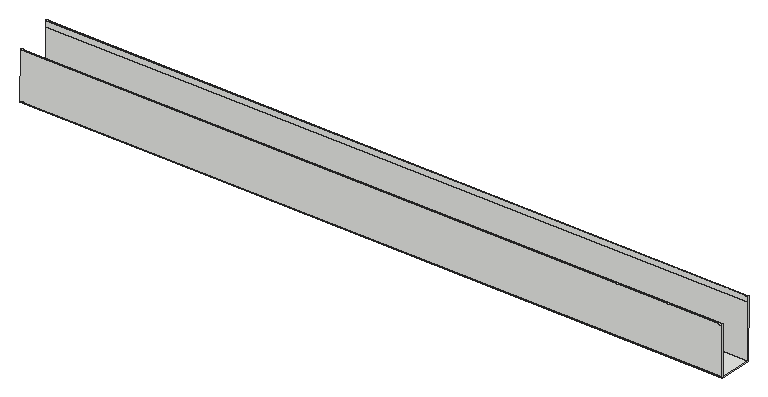
Revit family "PR42", category Mechanical Equipment, Revit 2018
Family settings
  Round Connector Dimension = Use Diameter
  Part Type = Normal
  OmniClass Number = 23.75.00.00
  OmniClass Title = Climate Control (HVAC)
  Work Plane-Based = No
  Always vertical = Yes
  Cut with Voids When Loaded = No
  Shared = No
  Room Calculation Point = No
Parameters (values of type "ISOLAMIN PR42 flashing")
  URL = "http://www.isolamin.se/"
  Thickness = "0.7 mm (Different thicknesses are available on request) \r\n0.7 mm (Different thicknesses are available on request) \r\n0.7 mm (Different thicknesses are available on request)"
  Profile Length = 1180 mm
  Model = "PR42"
  Material = "Galvanized Steel"
  Manufacturer = "ISOLAMIN AB"
  Edition = "1.0 (2018)"
Reference planes
  plane 1 "Center (Front/Back)": y = 0
  plane 2: z = 0
  plane 3 "Center (Left/Right)": x = 0
  plane 4: y = -1284.913
  plane 5: x = 1180
Forms (mm)
  Extrusion 1, solid, material "ISOLAMIN Surface Profile Material"
    sketch origin (0, 0, 0) x (0, 1, 0) y (0, 0, 1)
      loop
        line (-2, 90.7) -> (-1, 90.7) -> (-1, 1) -> (-54, 1) -> (-54, 70.7) -> (-53, 70.7) -> (-53, 79.256)
        arc (-53, 79.256) -> (-54, 80) -> (-55, 79.256) r 1.044
        line (-55, 79.256) -> (-55, 1)
        arc (-55, 1) -> (-54.707, 0.293) -> (-54, 0) r 1
        line (-54, 0) -> (-1, 0)
        arc (-1, 0) -> (-0.293, 0.293) -> (0, 1) r 1
        line (0, 1) -> (0, 99.256)
        arc (0, 99.256) -> (-1, 100) -> (-2, 99.256) r 1.044
        line (-2, 99.256) -> (-2, 90.7)
    from 0 to 1180
Dimensions and locks
  "Profile Length": plane 3 "Center (Left/Right)" to plane 5
  aligned and locked: level to plane 2
  aligned and locked: plane 5 to Extrusion 1
Automatic sketch dimensions
  Extrusion 1 sketch curve to level = 0 mm
  Extrusion 1 sketch curve to plane 1 "Center (Front/Back)" = 0 mm
  Extrusion 1 sketch curve to Extrusion 1 sketch curve = 1 mm  (x4)
  plane 1 "Center (Front/Back)" to Extrusion 1 sketch curve = 1 mm  (x2)
  plane 1 "Center (Front/Back)" to Extrusion 1 sketch curve = 53 mm
  Extrusion 1 sketch curve to Extrusion 1 sketch curve = 53 mm
  Extrusion 1 sketch curve to Extrusion 1 sketch curve = 0 mm  (x2)
  Extrusion 1 sketch curve to Extrusion 1 sketch curve = 69.7 mm
  Extrusion 1 sketch curve to Extrusion 1 sketch curve = 8.256 mm  (x2)
  Extrusion 1 sketch curve to Extrusion 1 sketch curve = 0.3 mm  (x2)
  Extrusion 1 sketch curve to Extrusion 1 sketch curve = 11.444 mm
